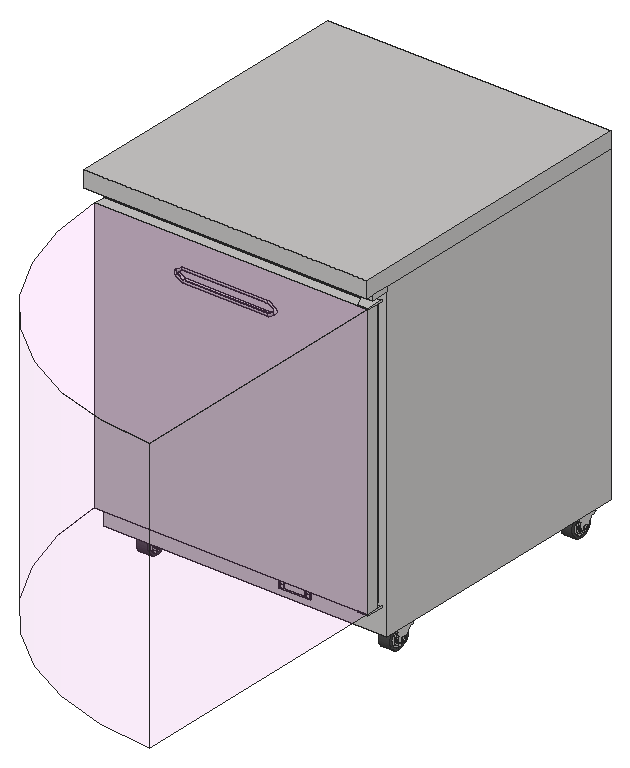
Revit family "QF_Kelvinator_738265_KCHUC27F", category Specialty Equipment, Revit 2021
Family settings
  Round Connector Dimension = Use Diameter
  Part Type = Normal
  Work Plane-Based = No
  Always vertical = Yes
  Cut with Voids When Loaded = No
  Shared = No
  Room Calculation Point = No
Parameters
  Weight in Pounds = 141.096
  Weight = 64.00 lbm
  Watts = 0 W
  Volts = 115 V
  URL Manufacturer = "KELVINATOR"
  URL Cutsheet = ""
  URL = "KELVINATOR"
  Specification by User = ""
  Specification by Manufacturer = ""
  Show Right Door [instance] = not(Show Left Door)  # yes
  Show Left Door [instance] = no
  Serial Number = ""
  Seismic Rating = ""
  SMACNA No = ""
  Revision Code = ""
  Refrigerant Type = "R290"
  Phase = 1
  Number of Poles = 1
  NAFEM Spec ID Number = ""
  Model = "KCHUC27F"
  Min Ckt Ampacity = 0 A
  Max Overcurrent Protection = 0 A
  Masterspec = ""
  Manufacturer = "Kelvinator"
  Length Actual = 705"
  Length = 27.756"
  Item Number = "738265"
  Installed By = ""
  Identify Quantity as Lot = yes
  Height Actual = 902"
  Height = 35 1/2"
  HP = "0.3 HP"
  Gas KW = 0
  Furnished By = ""
  Foodservice Equipment Identifier = yes
  FL Amps = 1.9 A
  Electrical Remarks = ""
  Electric Connection Type = ""
  Elec Conn RI Height = 0"
  Elec Conn Connection Height = 0"
  Description = "1-DOOR UNDER COUNTER FREEZER 27\" LONG"
  Depth Actual = 760"
  Depth = 29 15/16"
  Default Elevation = 0"
  Cycle = 60 Hz
  Conn Plug = "5-15P"
  Conn Conduit = yes
  CSI MasterFormat = ""
  Apparent Power = 0 VA
  Accessory = no
Reference planes (in)
  plane 1 "BACK": y = 0
  plane 2: z = 0
  plane 3 "LEFT": x = 0
  plane 4 "RIGHT": x = 27.756
  plane 5 "FRONT": y = -29.9375
  plane 6 "TOP": z = 35.5
  plane 7 "Center Y": x = 13.878
  plane 8 "Center X": y = -14.96875
Dimensions and locks (in)
  equal spacing: plane 3 "LEFT", plane 7 "Center Y", plane 4 "RIGHT"
  "Length": plane 3 "LEFT" to plane 4 "RIGHT"
  equal spacing: plane 5 "FRONT", plane 8 "Center X", plane 1 "BACK"
  "Depth": plane 5 "FRONT" to plane 1 "BACK"
  "Height": plane 6 "TOP" to level
  aligned and locked: level to plane 2
Nested families (in)
  nested 1: "KCHST.0001" at (0, 0, 0), Show Left Door <- "Show Left Door", Show Right Door <- "Show Right Door", type "KCHST.0001"
    with Show Right Door yes, Show Left Door no, Show Clearance yes
Connectors (in)
  electrical at (13.85, -0.87772, 2.31881), driven by "Volts", driven by "Watts"
    settings: on nested 1, index 1, voltage 115 V, apparent load 0 VA, apparent load phase1 0 VA, apparent load phase2 0 VA, apparent load phase3 0 VA, power factor 1, load classification "Other", number of poles 1, system type 30, power factor state 1, is connector primary yes, connector utility no, sub classification motor no, connector description ""
Definition of nested family "KCHST.0001"
  Parameters (values of type "KCHST.0001")
    Weight in Pounds = 0
    URL Cutsheet = ""
    Specification by User = ""
    Specification by Manufacturer = ""
    Show Right Door [instance] = yes
    Show Left Door [instance] = yes
    Show Clearance [instance] = yes
    Serial Number = ""
    Seismic Rating = ""
    SMACNA No = ""
    Revision Code = ""
    NAFEM Spec ID Number = ""
    Masterspec = ""
    Length = 27 3/4"
    Item Number = ""
    Installed By = ""
    Identify Quantity as Lot = yes
    Height = 35 1/2"
    Furnished By = ""
    Foodservice Equipment Identifier = yes
    Depth = 29 15/16"
    Default Elevation = 0"
    CSI MasterFormat = ""
  Reference planes (in)
    plane 1 "BACK": y = 0
    plane 2: z = 0
    plane 3 "LEFT": x = 0
    plane 4 "RIGHT": x = 27.75
    plane 5 "FRONT": y = -29.9375
    plane 6 "TOP": z = 35.5
    plane 7 "Center Y": x = 13.875
    plane 8 "Center X": y = -14.96875
    plane 9: z = 3.1
    plane 10: z = 33.9
    plane 11: y = -56
    plane 12: y = -29.2
    plane 13: z = 32.4
    plane 14: z = 5.6
    plane 15: y = -27.5
    plane 16: x = 25.75
    plane 17: x = 2
    plane 18: x = 27.25
    plane 19: x = 0.5
  Forms (in)
    Extrusion 1, solid
      sketch origin (0, 0, 0) x (0, 1, 0) y (0, 0, 1)
        loop
          line (-27.5, 33.9) -> (-27.5, 3.1) -> (0, 3.1) -> (0, 33.9) -> (-27.5, 33.9)
      from 0 to 27.75
    Extrusion 2, solid
      sketch origin (0, 0, 0) x (0, 1, 0) y (0, 0, 1)
        loop
          line (-29.9375, 35.5) -> (-29.9375, 33.9) -> (0, 33.9) -> (0, 35.5) -> (-29.9375, 35.5)
      from 0 to 27.75
    Extrusion 3, solid
      sketch origin (0, 0, 0) x (0, 1, 0) y (0, 0, 1)
        loop
          line (-29.2, 33.9) -> (-29.2, 33.4) -> (-27.5, 33.4) -> (-27.5, 33.9) -> (-29.2, 33.9)
      from 0 to 27.75
    Extrusion 4, solid
      sketch origin (13.875, 6.90541, 48) x (0, 1, 0) y (0, 0, 1)
        loop
          line (-36.10541, -15.6) -> (-36.10541, -42.4) -> (-34.95211, -42.4) -> (-34.95211, -15.6) -> (-36.10541, -15.6)
      from 13.375 to -13.375
    Extrusion 5, solid
      sketch origin (0, 0, 0) x (0, 1, 0) y (0, 0, 1)
        loop
          line (-28.04671, 32.20449) -> (-28.04671, 5.81322) -> (-27.79671, 5.81322) -> (-27.79671, 32.20449) -> (-28.04671, 32.20449)
      from 0.74536 to 26.90213
    Extrusion 6, solid
      sketch origin (0, 0.25, 0) x (0, 1, 0) y (0, 0, 1)
        loop
          line (-28.04671, 32.20449) -> (-28.04671, 5.81322) -> (-27.864, 5.81322) -> (-27.864, 32.20449) -> (-28.04671, 32.20449)
      from 0.74536 to 26.90213
    Extrusion 7, solid
      sketch origin (0, 0.4327, 0) x (0, 1, 0) y (0, 0, 1)
        loop
          line (-28.04671, 32.20449) -> (-28.04671, 5.81322) -> (-27.9327, 5.81322) -> (-27.9327, 32.20449) -> (-28.04671, 32.20449)
      from 0.74536 to 26.90213
    Extrusion 8, solid
      sketch origin (-4.97957, -27.5, -4.77927) x (-1, 0, 0) y (0, 0, 1)
        loop
          line (-22.17533, 9.70772) -> (-25.32493, 9.70772) -> (-25.32493, 8.52662) -> (-22.17533, 8.52662) -> (-22.17533, 9.70772)
        loop
          line (-22.25407, 9.63107) -> (-22.64777, 9.63107) -> (-22.64777, 9.31193) -> (-22.25407, 9.31193) -> (-22.25407, 9.63107)
        loop
          line (-22.25407, 9.27674) -> (-22.64777, 9.27674) -> (-22.64777, 8.9576) -> (-22.25407, 8.9576) -> (-22.25407, 9.27674)
        loop
          line (-22.25407, 8.92241) -> (-22.64777, 8.92241) -> (-22.64777, 8.60327) -> (-22.25407, 8.60327) -> (-22.25407, 8.92241)
        loop
          line (-25.24619, 9.63107) -> (-25.24619, 9.31193) -> (-24.85249, 9.31193) -> (-24.85249, 9.63107) -> (-25.24619, 9.63107)
        loop
          line (-25.24619, 9.27674) -> (-25.24619, 8.9576) -> (-24.85249, 8.9576) -> (-24.85249, 9.27674) -> (-25.24619, 9.27674)
        loop
          line (-25.24619, 8.92241) -> (-25.24619, 8.60327) -> (-24.85249, 8.60327) -> (-24.85249, 8.92241) -> (-25.24619, 8.92241)
        loop
          line (-22.72525, 9.63107) -> (-24.77501, 9.63107) -> (-24.77501, 8.60716) -> (-22.72525, 8.60716) -> (-22.72525, 9.63107)
      from 0.07874 to -0.04602
    Extrusion 9, solid
      sketch origin (-4.97957, -27.54602, -4.77927) x (1, 0, 0) y (0, 0, 1)
        loop
          line (24.85249, 9.63107) -> (24.85249, 9.31193) -> (25.24619, 9.31193) -> (25.24619, 9.63107) -> (24.85249, 9.63107)
        loop
          line (24.85249, 9.27674) -> (24.85249, 8.9576) -> (25.24619, 8.9576) -> (25.24619, 9.27674) -> (24.85249, 9.27674)
        loop
          line (24.85249, 8.92241) -> (24.85249, 8.60327) -> (25.24619, 8.60327) -> (25.24619, 8.92241) -> (24.85249, 8.92241)
        loop
          line (22.64777, 9.63107) -> (22.25407, 9.63107) -> (22.25407, 9.31193) -> (22.64777, 9.31193) -> (22.64777, 9.63107)
        loop
          line (22.64777, 9.27674) -> (22.25407, 9.27674) -> (22.25407, 8.9576) -> (22.64777, 8.9576) -> (22.64777, 9.27674)
        loop
          line (22.64777, 8.92241) -> (22.25407, 8.92241) -> (22.25407, 8.60327) -> (22.64777, 8.60327) -> (22.64777, 8.92241)
      from 0 to -0.07874
    Extrusion 10, solid
      sketch origin (-4.97957, -27.54602, -4.77927) x (1, 0, 0) y (0, 0, 1)
        loop
          line (22.72525, 9.63107) -> (22.72525, 8.60716) -> (24.77501, 8.60716) -> (24.77501, 9.63107) -> (22.72525, 9.63107)
      from 0 to -0.07874
    Extrusion 11, void
      sketch origin (-4.97957, -27.5, -4.77927) x (-1, 0, 0) y (0, 0, 1)
        loop
          line (-22.17533, 9.70772) -> (-25.32493, 9.70772) -> (-25.32493, 8.52662) -> (-22.17533, 8.52662) -> (-22.17533, 9.70772)
      from 0 to 0.07874
    Extrusion 12, void
      sketch origin (-15.80943, -29.19996, 31.5181) x (0, 0, 1) y (1, 0, 0)
        loop
          line (-1.94791, 24.94068) -> (-1.94791, 33.29068) -> (-2.28604, 33.83168)
          arc (-2.28604, 33.83168) -> (-2.38541, 33.88676) -> (-2.48479, 33.83168) r 0.11719
          line (-2.48479, 33.83168) -> (-2.82291, 33.29068) -> (-2.82291, 24.94068) -> (-2.48621, 24.40196)
          arc (-2.48621, 24.40196) -> (-2.38541, 24.34609) -> (-2.28462, 24.40196) r 0.11887
          line (-2.28462, 24.40196) -> (-1.94791, 24.94068)
      from 0 to 0.31887
    Sweep 13, solid
      path origin (-15.80943, -26.39996, 31.5181) x (0, 0, -1) y (1, 0, 0)
        loop
          line (2.82291, 33.29068) -> (2.48479, 33.83168)
          arc (2.48479, 33.83168) -> (2.38541, 33.88676) -> (2.28604, 33.83168) r 0.11719
          line (2.28604, 33.83168) -> (1.94791, 33.29068) -> (1.94791, 24.94068) -> (2.28462, 24.40196)
          arc (2.28462, 24.40196) -> (2.38541, 24.34609) -> (2.48621, 24.40196) r 0.11887
          line (2.48621, 24.40196) -> (2.82291, 24.94068) -> (2.82291, 33.29068)
      profile origin (13.30625, -26.39996, 28.69519) x (0, 0, -1) y (0, -1, 0)
        loop
          line (0, 2.8) -> (0.25, 2.8)
          arc (0.25, 2.8) -> (0.125, 2.85269) -> (0, 2.8) r 0.17461
    Extrusion 14, solid
      sketch origin (0.56875, -3.56521, 3.1) x (-1, 0, 0) y (0, 1, 0)
        loop
          circle (-13.28125, 2.68749) r 0.25
      from 0 to 0.78119
    Extrusion 15, solid, visible <- "Show Right Door"
      sketch origin (13.875, -29.2, 32.4) x (0, 1, 0) y (-1, 0, 0)
        loop
          arc (0, 13.375) -> (-18.91511, 5.54011) -> (-26.75, -13.375) r 26.75
          line (-26.75, -13.375) -> (0, -13.375) -> (0, 13.375)
      from 0 to -26.8
    Extrusion 16, solid, visible <- "Show Right Door"
      sketch origin (13.875, -29.2, 32.4) x (0, 1, 0) y (-1, 0, 0)
        loop
          line (1.7, -13.375) -> (1.7, -11.625) -> (0, -12.375) -> (0, -13.375) -> (1.7, -13.375)
      from 0 to 0.13
    Extrusion 17, solid, visible <- "Show Right Door"
      sketch origin (13.875, -28.04671, 5.6) x (-1, 0, 0) y (0, 1, 0)
        loop
          line (-11.625, 0.54671) -> (-13.375, 0.54671) -> (-13.375, -1.15329) -> (-12.375, -1.15329) -> (-11.625, 0.54671)
      from 0 to 0.13
    Extrusion 18, solid, visible <- "Show Left Door"
      sketch origin (13.875, -29.2, 32.4) x (0, 1, 0) y (-1, 0, 0)
        loop
          line (1.7, 13.375) -> (0, 13.375) -> (0, 12.375) -> (1.7, 11.625) -> (1.7, 13.375)
      from 0 to 0.13
    Extrusion 19, solid, visible <- "Show Left Door"
      sketch origin (13.875, -28.04671, 5.6) x (-1, 0, 0) y (0, 1, 0)
        loop
          line (11.625, 0.54671) -> (12.375, -1.15329) -> (13.375, -1.15329) -> (13.375, 0.54671) -> (11.625, 0.54671)
      from 0 to 0.13
    Extrusion 20, solid, visible <- "Show Left Door"
      sketch origin (13.875, -29.2, 32.4) x (0, 1, 0) y (-1, 0, 0)
        loop
          line (0, -13.375) -> (0, 13.375) -> (-26.75, 13.375)
          arc (-26.75, 13.375) -> (-18.91511, -5.54011) -> (0, -13.375) r 26.75
      from 0 to -26.8
  Cuts and joins
    Extrusion 11 cuts Extrusion 8
    Extrusion 12 cuts Extrusion 4
  Lines and regions (in)
    symbolic lines
      curve 1: line (27.75, -29.9375, 0) -> (27.75, 0, 0)
      curve 2: line (27.75, 0, 0) -> (0, 0, 0)
      curve 3: line (0, 0, 0) -> (0, -29.9375, 0)
      curve 4: line (0, -29.9375, 0) -> (27.75, -29.9375, 0)
    symbolic lines, visible <- "Show Right Door"
      curve 5: arc (0.50346, -29.9375, 0) -> (1.50631, -36.49273, 0) -> (4.09052, -42.6, 0) r 26.75671
      curve 6: line (4.09052, -42.6, 0) -> (25.97261, -29.9375, 0)
    symbolic lines, visible <- "Show Left Door"
      curve 7: arc (27.24654, -29.9375, 0) -> (26.24369, -36.49273, 0) -> (23.65948, -42.6, 0) r 26.75671
      curve 8: line (23.65948, -42.6, 0) -> (1.77739, -29.9375, 0)
  Dimensions and locks (in)
    equal spacing: plane 3 "LEFT", plane 7 "Center Y", plane 4 "RIGHT"
    "Length": plane 3 "LEFT" to plane 4 "RIGHT"
    equal spacing: plane 5 "FRONT", plane 8 "Center X", plane 1 "BACK"
    "Depth": plane 5 "FRONT" to plane 1 "BACK"
    "Height": plane 6 "TOP" to level
    level to plane 9 = 3.1"
    plane 10 to plane 9 = 30.8"
    plane 11 to plane 1 "BACK" = 56"
    plane 14 to plane 13 = 26.8"
    locked: plane 4 "RIGHT" to plane 16 at 2
    locked: plane 3 "LEFT" to plane 17 at 2
    locked: plane 19 to plane 3 "LEFT" at 0.5
    locked: plane 18 to plane 4 "RIGHT" at 0.5
    plane 9 to plane 6 "TOP" = 32.4"
    plane 3 "LEFT" to plane 4 "RIGHT" = 27 3/4"
    aligned and locked: level to plane 2
    aligned and locked: plane 16 to nested 1
    aligned and locked: nested 2 to plane 17
    aligned and locked: Extrusion 1 to plane 4 "RIGHT"
    aligned and locked: plane 4 "RIGHT" to Extrusion 1
    aligned and locked: Extrusion 3 to plane 4 "RIGHT"
    aligned and locked: Extrusion 2 to plane 4 "RIGHT"
    aligned and locked: plane 18 to cut or joined group of Extrusion 4, Extrusion 12
    aligned and locked: cut or joined group of Extrusion 4, Extrusion 12 to plane 19
    aligned and locked: plane 16 to nested 3
  Automatic sketch dimensions
    plane 1 "BACK" to curve 3 = 0"
    curve 3 to plane 3 "LEFT" = 0"
    curve 7 to plane 12 = 0"
    curve 7 to plane 19 = 0"
    plane 5 "FRONT" to curve 5 = 0"
    curve 5 to plane 12 = 0"
    curve 5 to plane 18 = 0"
    curve 1 to plane 4 "RIGHT" = 0"
    curve 6 to plane 17 = 2.09052"
    curve 8 to plane 16 = 2.09052"
    plane 5 "FRONT" to curve 6 = 12.6625"
    plane 5 "FRONT" to curve 8 = 12.6625"
    plane 17 to curve 8 = 0.22261"
    plane 16 to curve 6 = 0.22261"
    plane 9 to Extrusion 1 sketch curve = 0"
    Extrusion 1 sketch curve to plane 15 = 0"
    Extrusion 1 sketch curve to plane 1 "BACK" = 0"
    Extrusion 1 sketch curve to plane 10 = 0"
    Extrusion 2 sketch curve to plane 5 "FRONT" = 0"
    Extrusion 2 sketch curve to plane 1 "BACK" = 0"
    Extrusion 2 sketch curve to plane 10 = 0"
    Extrusion 2 sketch curve to plane 6 "TOP" = 0"
    Extrusion 3 sketch curve to plane 10 = 0"
    Extrusion 3 sketch curve to plane 12 = 0"
    Extrusion 3 sketch curve to plane 15 = 0"
    Extrusion 3 sketch curve to Extrusion 3 sketch curve = 1/2"
    Extrusion 4 sketch curve to plane 12 = 0"
    plane 14 to Extrusion 4 sketch curve = 0"
    plane 13 to Extrusion 4 sketch curve = 0"
    Extrusion 4 sketch curve to plane 15 = 0.54671"
    Extrusion 5 sketch curve to plane 14 = 0.21322"
    Extrusion 5 sketch curve to plane 15 = 0.54671"
    Extrusion 5 sketch curve to Extrusion 5 sketch curve = 1/4"
    plane 13 to Extrusion 5 sketch curve = 0.19551"
    Extrusion 6 sketch curve to plane 15 = 0.29671"
    Extrusion 6 sketch curve to plane 15 = 0.114"
    Extrusion 6 sketch curve to plane 14 = 0.21322"
    plane 13 to Extrusion 6 sketch curve = 0.19551"
    Extrusion 7 sketch curve to plane 15 = 0"
    Extrusion 7 sketch curve to Extrusion 7 sketch curve = 0.114"
    Extrusion 7 sketch curve to plane 14 = 0.21322"
    plane 13 to Extrusion 7 sketch curve = 0.19551"
    plane 14 to Extrusion 8 sketch curve = 0.67154"
    Extrusion 8 sketch curve to plane 16 = 5.40464"
    Extrusion 8 sketch curve to Extrusion 8 sketch curve = 0.07874"  (x3)
    Extrusion 8 sketch curve to Extrusion 8 sketch curve = 0"  (x7)
    Extrusion 8 sketch curve to Extrusion 8 sketch curve = 0.3937"  (x2)
    Extrusion 8 sketch curve to Extrusion 8 sketch curve = 0.07748"  (x3)
    Extrusion 8 sketch curve to plane 9 = 0.72789"
    Extrusion 8 sketch curve to Extrusion 8 sketch curve = 2.04976"
    Extrusion 8 sketch curve to Extrusion 8 sketch curve = 1/256"  (x2)
    Extrusion 8 sketch curve to Extrusion 8 sketch curve = 0.07665"  (x3)
    Extrusion 8 sketch curve to Extrusion 8 sketch curve = 0.31914"  (x4)
    Extrusion 8 sketch curve to Extrusion 8 sketch curve = 0.03519"  (x4)
    Extrusion 8 to Extrusion 9 sketch curve = 0"  (x10)
    Extrusion 9 sketch curve to Extrusion 8 = 0"  (x14)
    Extrusion 10 sketch curve to Extrusion 8 = 0"  (x3)
    Extrusion 8 to Extrusion 10 sketch curve = 0"
    plane 14 to Extrusion 11 sketch curve = 0.67154"
    Extrusion 11 sketch curve to plane 16 = 5.40464"
    Extrusion 11 sketch curve to plane 9 = 0.64735"
    Extrusion 11 sketch curve to Extrusion 11 sketch curve = 3.14961"
    plane 13 to Extrusion 12 sketch curve = 3.70481"
    Extrusion 12 sketch curve to Extrusion 12 sketch curve = 0.3367"
    Extrusion 12 sketch curve to Extrusion 12 sketch curve = 0.33813"  (x2)
    Extrusion 12 sketch curve to Extrusion 12 sketch curve = 0.09937"  (x2)
    Extrusion 12 sketch curve to Extrusion 12 sketch curve = 0.1008"  (x2)
    Extrusion 12 sketch curve to plane 7 "Center Y" = 5.28247"
    Extrusion 12 sketch curve to Extrusion 12 sketch curve = 0.063"
    Extrusion 12 sketch curve to Extrusion 12 sketch curve = 0.53872"  (x2)
    plane 7 "Center Y" to Extrusion 12 sketch curve = 3.60625"
    Extrusion 12 sketch curve to Extrusion 12 sketch curve = 0"
    Extrusion 12 sketch curve to Extrusion 12 sketch curve = 0.47889"
    Extrusion 12 sketch curve to Extrusion 12 sketch curve = 0.06211"
    plane 13 to Sweep 13 sketch curve = 2.82981"
    Sweep 13 sketch curve to Sweep 13 sketch curve = 0.3367"
    Sweep 13 sketch curve to Sweep 13 sketch curve = 0.33813"  (x2)
    Sweep 13 sketch curve to Sweep 13 sketch curve = 0.09937"  (x2)
    Sweep 13 sketch curve to Sweep 13 sketch curve = 0.1008"  (x2)
    Sweep 13 sketch curve to plane 7 "Center Y" = 5.28247"
    Sweep 13 sketch curve to Sweep 13 sketch curve = 0.063"
    Sweep 13 sketch curve to Sweep 13 sketch curve = 0.53872"  (x2)
    plane 7 "Center Y" to Sweep 13 sketch curve = 3.60625"
    Sweep 13 sketch curve to Sweep 13 sketch curve = 0"
    Sweep 13 sketch curve to Sweep 13 sketch curve = 0.47889"
    Sweep 13 sketch curve to Sweep 13 sketch curve = 0.06211"
    Sweep 13 sketch curve to profile plane = 0"
    Sweep 13 sketch curve to profile plane = 1/8"
    profile plane to Sweep 13 sketch curve = 2.67809"
    Sweep 13 sketch curve to Sweep 13 sketch curve = 0.12191"
    Extrusion 1 to Extrusion 14 sketch curve = 0.87772"
    Extrusion 14 sketch curve to Extrusion 1 = 13.9"
    Extrusion 15 sketch curve to Extrusion 4 = 0"  (x2)
    Extrusion 4 to Extrusion 15 sketch curve = 0"
    Extrusion 16 sketch curve to Extrusion 4 = 0"
    Extrusion 4 to Extrusion 16 sketch curve = 0"
    Extrusion 4 to Extrusion 16 sketch curve = 0.54671"
    Extrusion 4 to Extrusion 16 sketch curve = 1"
    Extrusion 4 to Extrusion 16 sketch curve = 1 3/4"
    Extrusion 17 sketch curve to Extrusion 4 = 0"
    Extrusion 4 to Extrusion 17 sketch curve = 0"
    Extrusion 17 sketch curve to Extrusion 4 = 1"
    Extrusion 17 sketch curve to Extrusion 4 = 0.54671"
    Extrusion 17 sketch curve to Extrusion 4 = 1 3/4"
    Extrusion 18 sketch curve to Extrusion 4 = 0"  (x2)
    Extrusion 4 to Extrusion 18 sketch curve = 0.54671"
    Extrusion 4 to Extrusion 18 sketch curve = 1"
    Extrusion 4 to Extrusion 18 sketch curve = 1 3/4"
    Extrusion 4 to Extrusion 19 sketch curve = 0"
    Extrusion 19 sketch curve to Extrusion 4 = 0"
    Extrusion 19 sketch curve to Extrusion 4 = 1"
    Extrusion 19 sketch curve to Extrusion 4 = 0.54671"
    Extrusion 19 sketch curve to Extrusion 4 = 1 3/4"
    Extrusion 20 sketch curve to Extrusion 4 = 0"  (x3)
    radius of Extrusion 14 sketch curve = 1/4"
  Nested families (in)
    nested 1: "3 INCHES 01_CASTER" at (25.75, -24.75, 0), type "3 INCHES 01_CASTER"
      with Type Mark "", Specification by User "", Revision Code "", Item Number "", Installed By "", Identify Quantity as Lot yes, Furnished By "", Foodservice Equipment Identifier yes, 3 Inches Caster yes
    nested 2: "3 INCHES 01_CASTER" at (2, -24.75, 0), type "3 INCHES 01_CASTER"
      with Type Mark "", Specification by User "", Revision Code "", Item Number "", Installed By "", Identify Quantity as Lot yes, Furnished By "", Foodservice Equipment Identifier yes, 3 Inches Caster yes
    nested 3: "3 INCHES 01_CASTER" at (25.75, -2.375, 0), type "3 INCHES 01_CASTER"
      with Type Mark "", Specification by User "", Revision Code "", Item Number "", Installed By "", Identify Quantity as Lot yes, Furnished By "", Foodservice Equipment Identifier yes, 3 Inches Caster yes
    nested 4: "3 INCHES 01_CASTER" at (2, -2.375, 0), type "3 INCHES 01_CASTER"
      with Type Mark "", Specification by User "", Revision Code "", Item Number "", Installed By "", Identify Quantity as Lot yes, Furnished By "", Foodservice Equipment Identifier yes, 3 Inches Caster yes
  Definition of nested family "3 INCHES 01_CASTER"
    Parameters (values of type "3 INCHES 01_CASTER")
      Weight = ""
      URL Manufacturer = ""
      URL Cutsheet = ""
      URL = ""
      Type Mark [instance] = ""
      Specification by User [instance] = ""
      Specification by Manufacturer = ""
      Serial Number = ""
      Seismic Rating = ""
      SMACNA No = ""
      Revision Code [instance] = ""
      Omniclass Number and Title = ""
      NAFEM Spec ID Number = ""
      Model = ""
      MasterSpec. = ""
      Manufacturer = ""
      Item Number [instance] = ""
      Installed By [instance] = ""
      Identify Quantity as Lot [instance] = yes
      Furnished By [instance] = ""
      Foodservice Equipment Identifier [instance] = yes
      Description = ""
      Default Elevation = 0"
      CSI MasterFormat = ""
      CSI Master Format = ""
      Assembly Code = ""
      3 Inches Caster [instance] = yes
    Reference planes (in)
      plane 1: z = 0
      plane 2 "RIGHT": x = 0
      plane 3 "FRONT": y = 0
      plane 4 "TOP": z = 3.1
    Forms (in)
      Revolve 1, solid, visible <- "3 Inches Caster"
        sketch origin (-1.93794, 0.56004, -1.0041) x (1, 0, 0) y (0, 0, 1)
          loop
            line (0.74055, 2.11347) -> (0.74055, 2.03797) -> (0.79055, 1.98797) -> (0.85055, 1.98797) -> (0.85055, 1.8679) -> (1.235, 1.8679) -> (1.235, 1.7068) -> (1.36441, 1.63209) -> (1.4003, 1.41035) -> (1.34375, 1.41035) -> (1.34375, 1.28535) -> (1.375, 1.28535) -> (1.375, 1.0041) -> (2.48438, 1.0041) -> (2.48438, 1.28535) -> (2.51563, 1.28535) -> (2.51563, 1.41035) -> (2.45908, 1.41035) -> (2.49553, 1.6356) -> (2.62438, 1.70999) -> (2.62438, 1.8679) -> (3.04007, 1.8679) -> (3.04007, 1.98797) -> (3.10007, 1.98797) -> (3.15007, 2.03797) -> (3.15007, 2.11347) -> (0.74055, 2.11347)
          axis (0.74055, 2.11347) -> (3.15007, 2.11347)
        angle from 0 to 360
      Extrusion 2, solid, visible <- "3 Inches Caster"
        sketch origin (-1.93794, 1.35294, -3.2541) x (0, 1, 0) y (0, 0, 1)
          loop
            line (-0.41094, 5.86793) -> (-0.41094, 6.01276) -> (-2.29494, 6.01276) -> (-2.29494, 5.71244) -> (-1.82301, 5.71244)
            arc (-1.82301, 5.71244) -> (-1.00307, 5.59865) -> (-0.19592, 5.41488) r 9.6332
            arc (-0.19592, 5.41488) -> (0.12646, 5.29481) -> (0.42224, 5.11916) r 1.92059
            line (0.42224, 5.11916) -> (0.51314, 5.245)
            arc (0.51314, 5.245) -> (0.27353, 5.42569) -> (0.01201, 5.5729) r 2.25036
            line (0.01201, 5.5729) -> (0.09371, 5.71426)
            arc (0.09371, 5.71426) -> (-0.15272, 5.81043) -> (-0.41094, 5.86793) r 1.73151
        from 1.17357 to 2.70231
      Revolve 3, solid, visible <- "3 Inches Caster"
        sketch origin (0, 1.73858, -3.25) x (0, 1, 0) y (0, 0, 1)
          loop
            line (-1.73858, 6.35) -> (-1.73858, 6.00866) -> (-0.93293, 6.00866) -> (-0.93293, 6.35) -> (-1.73858, 6.35)
          axis (-1.73858, 6.00866) -> (-1.73858, 6.35)
        angle from 0 to 360
      Extrusion 4, solid, visible <- "3 Inches Caster"
        sketch origin (-1.98481, 1.35294, -1.7541) x (0, 1, 0) y (0, 0, 1)
          loop
            line (-2.29494, 4.51276) -> (-2.29494, 4.21244) -> (-2.2074, 4.21244)
            arc (-2.2074, 4.21244) -> (-1.58796, 3.87196) -> (-1.3103, 3.22193) r 1.0835
            arc (-1.3103, 3.22193) -> (-1.27304, 2.98711) -> (-1.19616, 2.76214) r 1.38462
            arc (-1.19616, 2.76214) -> (-0.77704, 2.49744) -> (-0.37393, 2.78593) r 0.44401
            arc (-0.37393, 2.78593) -> (-0.35491, 2.84407) -> (-0.34077, 2.90358) r 0.74034
            arc (-0.34077, 2.90358) -> (-0.07302, 3.38916) -> (0.4279, 3.62699) r 0.90376
            line (0.4279, 3.62699) -> (0.51314, 3.745)
            arc (0.51314, 3.745) -> (0.27353, 3.92569) -> (0.01201, 4.0729) r 2.25036
            line (0.01201, 4.0729) -> (0.09371, 4.21426)
            arc (0.09371, 4.21426) -> (-0.15272, 4.31043) -> (-0.41094, 4.36793) r 1.73151
            line (-0.41094, 4.36793) -> (-0.41094, 4.51276) -> (-2.29494, 4.51276)
        from 2.74918 to 2.90825
      Extrusion 5, solid, visible <- "3 Inches Caster"
        sketch origin (1.98481, 1.35294, -1.7541) x (0, 1, 0) y (0, 0, -1)
          loop
            line (-2.29494, -4.51276) -> (-0.41094, -4.51276) -> (-0.41094, -4.36793)
            arc (-0.41094, -4.36793) -> (-0.15272, -4.31043) -> (0.09371, -4.21426) r 1.73151
            line (0.09371, -4.21426) -> (0.01201, -4.0729)
            arc (0.01201, -4.0729) -> (0.27353, -3.92569) -> (0.51314, -3.745) r 2.25036
            line (0.51314, -3.745) -> (0.4279, -3.62699)
            arc (0.4279, -3.62699) -> (-0.07302, -3.38916) -> (-0.34077, -2.90358) r 0.90376
            arc (-0.34077, -2.90358) -> (-0.35491, -2.84407) -> (-0.37393, -2.78593) r 0.74034
            arc (-0.37393, -2.78593) -> (-0.77704, -2.49744) -> (-1.19616, -2.76214) r 0.44401
            arc (-1.19616, -2.76214) -> (-1.27304, -2.98711) -> (-1.3103, -3.22193) r 1.38462
            arc (-1.3103, -3.22193) -> (-1.58796, -3.87196) -> (-2.2074, -4.21244) r 1.0835
            line (-2.2074, -4.21244) -> (-2.29494, -4.21244) -> (-2.29494, -4.51276)
        from 2.74918 to 2.90825
    Cuts and joins
      joined: Extrusion 2, Extrusion 4, Extrusion 5
    Lines and regions (in)
      symbolic lines, visible <- "3 Inches Caster"
        curve 1: line (0.1877, 1.65194, 0) -> (0.89063, 1.2461, 0)
        curve 2: line (-1.00175, -0.40823, 0) -> (0.1877, 1.65194, 0)
        curve 3: line (-0.29881, -0.81407, 0) -> (-1.00175, -0.40823, 0)
        curve 4: line (0.89063, 1.2461, 0) -> (-0.29881, -0.81407, 0)
    Dimensions and locks (in)
      plane 4 "TOP" to level = 3.1"  (x2)
      aligned and locked: level to plane 1
